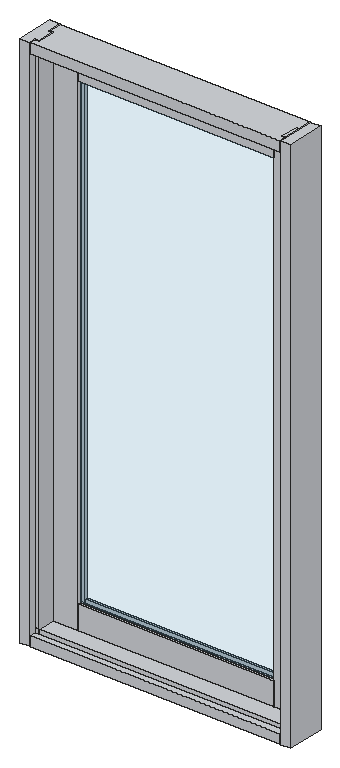
Revit family "Air-Flo® Plus 125mm Framing_SG&DG-Single Hinged Door", category Doors, host Wall, Revit 2021
Family settings
  Host = Wall
  OmniClass Number = 23.30.20.00
  OmniClass Title = Windows
  Always vertical = Yes
  Cut with Voids When Loaded = No
  Shared = No
  Room Calculation Point = No
Parameters (values of type "7L/7R")
  YEAR = "2022"  # constant formula
  Width = 0.0000 mm  # constant formula
  URL = "https://www.alspec.com.au/air-flo-plus-125mm-framing"
  Thickness = 0.0000 mm  # constant formula
  Single Glazed Thickness (6-13.5mm) [instance] = 5.0000 mm
  Single Glazed [instance] = not(Double Glazed)  # no
  Sill Offset 2 [instance] = 15.9930 mm  # constant formula
  Sill Offset [instance] = 6.0000 mm  # constant formula
  Sash Material [instance] = none
  Rough Width = 0.0000 mm  # constant formula
  Rough Height = 0.0000 mm  # constant formula
  Overall Width [instance] = 900.0000 mm
  Offset [instance] = 0.0000 mm
  Midrail height [instance] = 810.0000 mm
  Midrail [instance] = no
  Meeting 1 = 45.0000 mm  # constant formula
  Overall Height [instance] = 1800.0000 mm
  Model = "Air-Flo® Plus 125mm Framing_SG&DG-Single Hinged Door"  # constant formula
  Manufacturer = "ALSPEC"
  Height = 0.0000 mm  # constant formula
  Head Offset 2 [instance] = 84.8025 mm  # constant formula
  Head Offset [instance] = 75.0000 mm  # constant formula
  Glazed Material [instance] = Glass
  Frame Material [instance] = none
  External Frame Thk = 35.0000 mm  # constant formula
  Double Glazed Thickness [instance] = 18.0000 mm
  Double Glazed [instance] = yes
  Define Thermal Properties by = Schematic Type
  Default Sill Height = 0.0000 mm  # constant formula
  Wall Closure = By host
  CREATOR = "Viraj Mhatre"  # constant formula
  COMPANY = "ALSPEC"  # constant formula
  Analytic Construction = "<None>"
  Air Pocket (Double Glazing Only) [instance] = 8.0000 mm  # constant formula
Reference planes
  plane 1 "Center (Front/Back)": y = 0
  plane 2 "Center (Left/Right)": x = 0
  plane 3 "Left": x = -415
  plane 4 "Right": x = 415
  plane 5 "Sill": z = 0
  plane 6 "Head": z = 1800
  plane 7 "Exterior": y = 102.6
  plane 8 "Interior": y = -97.4
  plane 9: z = 35.999
  plane 10: y = 14
  plane 11 "FRAME CENTRE": y = 42
  plane 12: y = 82.6
  plane 13: x = -415
  plane 14: x = 415
  plane 15: x = 415
  plane 16: x = 20.5
  plane 17: x = -450
  plane 18: x = 450
  plane 19: z = 1764.001
  plane 20: z = 1755.034
  plane 21: z = 44.966
  plane 22: z = 516.113
  plane 23: x = -2
  plane 24: x = 43
  plane 25: z = 810
  plane 26: x = -208.5
  plane 27: x = 229
  plane 28: y = 147.6
  plane 29: z = 1210
  plane 30: y = -1037.4
  plane 31: x = -425
  plane 32: x = 425
  plane 33: y = 102.6
  plane 34: z = 904.483
Forms (mm)
  Extrusion 1, solid, material <- "Frame Material"
    sketch origin (0, 0, 0) x (1, 0, 0) y (0, 1, 0)
      loop
        line (-450, -22.4) -> (-418, -22.4) -> (-418, -0.414) -> (-405.034, -0.414) -> (-405.034, 58.586) -> (-418, 58.586) -> (-418, 102.6) -> (-450, 102.6) -> (-450, -22.4)
      loop
        line (450, -22.4) -> (450, 102.6) -> (418, 102.6) -> (418, 58.586) -> (405.034, 58.586) -> (405.034, -0.414) -> (418, -0.414) -> (418, -22.4) -> (450, -22.4)
    from 0 to 1800
  Extrusion 2, solid, material <- "Frame Material"
    sketch origin (-415, 0, 0) x (0, -1, 0) y (0, 0, 1)
      loop
        line (-102.6, 0) -> (22.4, 0) -> (22.4, 32) -> (0.414, 32) -> (0.414, 44.966) -> (-58.586, 44.966) -> (-58.586, 32) -> (-102.6, 32) -> (-102.6, 0)
      loop
        line (-102.6, 1800) -> (-102.6, 1768) -> (-58.586, 1768) -> (-58.586, 1755.034) -> (0.414, 1755.034) -> (0.414, 1768) -> (22.4, 1768) -> (22.4, 1800) -> (-102.6, 1800)
    from -830.001 to 0
Lines and regions (mm)
  Opening 1
    outline origin (3600, -97.4, 75) x (1, 0, 0) y (0, 0, 1)
      loop
        line (-3150, -75) -> (-3150, 1725) -> (-4050, 1725) -> (-4050, -75) -> (-3150, -75)
  Masking region 1
    outline origin (0, 0, 0) x (1, 0, 0) y (0, 1, 0)
      loop
        line (-450, -22.4) -> (-418, -22.4) -> (-418, -0.414) -> (-405.034, -0.414) -> (-405.034, 58.586) -> (-418, 58.586) -> (-418, 102.6) -> (-450, 102.6) -> (-450, -22.4)
      loop
        line (450, -22.4) -> (450, 102.6) -> (418, 102.6) -> (418, 58.586) -> (405.034, 58.586) -> (405.034, -0.414) -> (418, -0.414) -> (418, -22.4) -> (450, -22.4)
  Masking region 2
    outline origin (-415, 0, 0) x (0, -1, 0) y (0, 0, 1)
      loop
        line (22.4, 0) -> (22.4, 32) -> (0.414, 32) -> (0.414, 44.966) -> (-58.586, 44.966) -> (-58.586, 32) -> (-102.6, 32) -> (-102.6, 0) -> (22.4, 0)
      loop
        line (-102.6, 1800) -> (-102.6, 1768) -> (-58.586, 1768) -> (-58.586, 1755.034) -> (0.414, 1755.034) -> (0.414, 1768) -> (22.4, 1768) -> (22.4, 1800) -> (-102.6, 1800)
  symbolic lines, style "DoorsHiddenLines"
    curve 1: line (-415, 102.6, 0) -> (20.5, 102.6, 0)
    curve 2: line (-415, 932.602, 0) -> (-415, 102.6, 0)
    curve 3: line (415.001, 102.6, 0) -> (20.5, 102.6, 0)
    curve 4: line (-415, -97.4, 1764.001) -> (415, -97.4, 904.483)
    curve 5: line (-415, -97.4, 44.966) -> (415, -97.4, 904.483)
    curve 6: arc (415.001, 102.6, 0) -> (171.899, 689.5, 0) -> (-415, 932.602, 0) r 830.002
Text (mm)
  text "EXTERIOR" at (-1886.484, -724.686, 0), in view "Ref. Level"
  text "INTERIOR" at (-1963.203, 1176.318, 0), in view "Ref. Level"
  text "Exterior" at (0, 923.751, 2943.296), in view "Right"
  text "Exterior" at (0, 1040.484, 2685.409), in view "Left"
Dimensions and locks
  "Overall Height": plane 5 "Sill" to plane 6 "Head"
  "Default Sill Height": plane 5 "Sill" to level
  locked: plane 7 "Exterior" to host wall
  locked: plane 8 "Interior" to host wall
  "Offset": plane 33 to plane 7 "Exterior"
  "External Frame Thk": plane 4 "Right" to plane 18
  "Overall Width": plane 17 to plane 18
  equal spacing: plane 23, plane 16, plane 24
  "Meeting 1": plane 23 to plane 24
  "Midrail height": plane 25 to level
  locked: plane 29 to plane 25 at 400
  equal spacing: plane 23, plane 26, plane 13
  equal spacing: plane 15, plane 27, plane 24
  plane 17 to plane 16 to plane 18 = 470.4996 mm, 429.5004 mm
  equal spacing: plane 13, plane 2 "Center (Left/Right)", plane 15
  locked: plane 31 to plane 13 at 10
  locked: plane 15 to plane 32 at 10
  locked: plane 19 to plane 6 "Head" at 35.999
  locked: plane 19 to plane 20 at 8.967
  locked: plane 9 to level at 35.999
  locked: plane 21 to plane 9 at 8.967
  locked: plane 12 to plane 33 at 20
  locked: plane 17 to plane 31 at 24.999
  locked: plane 33 to plane 28 at 45
  equal spacing: plane 19, plane 34, plane 21
  aligned and locked: Opening 1 sketch curve to plane 6 "Head"
  aligned and locked: plane 13 to plane 3 "Left"
  aligned and locked: plane 14 to plane 4 "Right"
  aligned and locked: plane 17 to Opening 1 sketch curve
  aligned and locked: plane 18 to Opening 1 sketch curve
  aligned and locked: Opening 1 sketch curve to plane 5 "Sill"
  aligned and locked: host wall to level
  aligned and locked: plane 15 to plane 4 "Right"
  aligned and locked: Extrusion 1 to plane 6 "Head"
  aligned and locked: Extrusion 1 to level
  aligned and locked: plane 3 "Left" to Extrusion 2
  aligned and locked: Extrusion 2 to plane 4 "Right"
  aligned and locked: nested 1 to plane 12
  aligned and locked: plane 17 to nested 1
  aligned and locked: plane 18 to nested 2
  aligned and locked: plane 12 to nested 2
  aligned and locked: Extrusion 1 sketch curve to nested 1  (x8)
  aligned and locked: Extrusion 1 sketch curve to nested 2  (x8)
  aligned and locked: Masking region 1 sketch curve to nested 1  (x8)
  aligned and locked: Masking region 1 sketch curve to nested 2  (x8)
  aligned and locked: level to nested 3
  aligned and locked: plane 12 to nested 3
  aligned and locked: Masking region 2 sketch curve to nested 3  (x8)
  aligned and locked: Extrusion 2 sketch curve to nested 3  (x8)
  aligned and locked: nested 4 to plane 6 "Head"
  aligned and locked: nested 4 to plane 12
  aligned and locked: Masking region 2 sketch curve to nested 4  (x8)
  aligned and locked: Extrusion 2 sketch curve to nested 4  (x8)
  aligned and locked: plane 13 to curve 1
  aligned and locked: plane 33 to curve 1
  aligned and locked: curve 2 to plane 13
  aligned and locked: nested 2 to curve 3
  aligned and locked: curve 3 to Extrusion 2
  aligned and locked: plane 21 to curve 5
  aligned and locked: plane 19 to curve 4
  aligned and locked: plane 13 to nested 5
  aligned and locked: plane 15 to nested 5
  aligned and locked: plane 13 to nested 6
  aligned and locked: plane 15 to nested 6
  aligned and locked: plane 9 to nested 6
  aligned and locked: plane 9 to nested 5
  aligned and locked: plane 19 to nested 6
  aligned and locked: plane 19 to nested 5
  aligned and locked: nested 6 to plane 12
  aligned and locked: nested 5 to plane 12
  aligned and locked: plane 34 to curve 5
  aligned and locked: plane 15 to curve 4
Automatic sketch dimensions
  curve 1 to plane 16 = 0.0000 mm
  plane 3 "Left" to curve 5 = 0.0000 mm
  plane 3 "Left" to curve 4 = 0.0000 mm
Nested families
  nested 1: "Ext FrameAF16 AF212" at (-418, 82.6, 0), type "Ext FrameAF16 AF212", detail levels fine
  nested 2: "Ext FrameAF16 AF212" at (418, 82.6, 0) x (-1, 0, 0) z (0, 0, 1), type "Ext FrameAF16 AF212", detail levels fine
  nested 3: "Ext Head AF16 AF212" at (-415, 82.6, 0) x (0, 1, 0) z (-1, 0, 0), type "Ext Head AF16 AF212", detail levels fine
  nested 4: "Ext Head AF16 AF212" at (-415, 82.6, 1800) x (0, 1, 0) z (-1, 0, 0), type "Ext Head AF16 AF212", detail levels fine
  nested 5: "DH_ DG_AFD14 AFD12" at (0, 82.6, 35.999), visible <- "Double Glazed", Midrail Height <- "Midrail height", Double Glazing Thickness <- "Double Glazed Thickness", Double Glazed <- "Double Glazed", Glazing Material <- "Glazed Material", Midrail <- "Midrail", Sash Material <- "Sash Material", type "DH_ DG_AFD14 AFD12"
    with Thickness Control 18.0000 mm, Sill Off 108.0000 mm, Sill 120.0000 mm, Sash Width 830.0008 mm, Sash Material none, Midrail Height 810.0000 mm, Midrail no, Height 1728.0018 mm, Head Off 68.0000 mm, Head 80.0000 mm, Glazing Material Glass, Double Glazing Thickness 18.0000 mm, Double Glazed yes, Air Pocket 8.0000 mm
  nested 6: "DH_ SG_AFD24 AFD22" at (0, 82.6, 35.999), Single Glazed <- "Single Glazed", Glazing Material <- "Glazed Material", Midrail <- "Midrail", Sash Material <- "Sash Material", Midrail Height <- "Midrail height", Single Glazing Thickness <- "Single Glazed Thickness (6-13.5mm)", visible <- "Single Glazed", type "DH_ SG_AFD24 AFD22"
    with Thickness Control 6.0000 mm, Single Glazing Thickness 5.0000 mm, Single Glazed no, Sill Off 108.0000 mm, Sill 120.0000 mm, Sash Width 830.0008 mm, Sash Material none, Midrail Height 810.0000 mm, Midrail no, Height 1728.0018 mm, Head Off 68.0000 mm, Head 80.0000 mm, Glazing Material Glass
Definition of nested family "DH_ DG_AFD14 AFD12"
  Parameters (values of type "DH_ DG_AFD14 AFD12")
    YEAR = "2022"  # constant formula
    Width = 0.0000 mm  # constant formula
    Thickness Control [instance] = if(Double Glazing Thickness > 28.0000 mm, 28.0000 mm, if(Double Glazing Thickness < 18.0000 mm, 18.0000 mm, Double Glazing Thickness))  # 18.0000 mm
    Thickness = 0.0000 mm  # constant formula
    TODAYS DATE = "12/05/2022"  # constant formula
    Sill Off [instance] = 108.0000 mm  # constant formula
    Sill [instance] = 120.0000 mm  # constant formula
    Sash Width [instance] = 897.9983 mm
    Sash Material [instance] = none
    Rough Width = 0.0000 mm  # constant formula
    Rough Height = 0.0000 mm  # constant formula
    Off DG Head and Sill = 12.0000 mm  # constant formula
    Midrail Height [instance] = 612.8190 mm
    Midrail [instance] = yes
    Height [instance] = 1800.0000 mm
    Head Off [instance] = 68.0000 mm  # constant formula
    Head & Sill DG Depth = 93.0000 mm  # constant formula
    Head [instance] = 80.0000 mm  # constant formula
    Glazing Material [instance] = none
    Double Glazing Thickness [instance] = 18.0000 mm
    Double Glazed [instance] = no
    Define Thermal Properties by = 1
    Default Elevation = 1219.2000 mm
    DG Off = 11.0000 mm  # constant formula
    DG Jamb Width = 75.0000 mm  # constant formula
    CREATOR = "Viraj Mhatre"  # constant formula
    COMPANY = "ALSPEC"  # constant formula
    Analytic Construction = "<None>"
    Air Pocket [instance] = 8.0000 mm  # constant formula
  Reference planes
    plane 1 "Center (Front/Back)": y = 0
    plane 2: z = 0
    plane 3 "Center (Left/Right)": x = 0
    plane 4: x = -448.999
    plane 5: x = 361
    plane 6: x = -373
    plane 7: x = 373
    plane 8: z = 1800
    plane 9: z = 1715
    plane 10: z = 85
    plane 11: z = 900
    plane 12: x = -361
    plane 13: x = 448.999
    plane 14: z = 73
    plane 15: z = 1727
    plane 16: y = 9
    plane 17: y = 4
    plane 18: y = -4
    plane 19: y = -9
    plane 20: z = 612.819
  Forms (mm)
    Extrusion 1, solid, material <- "Glazing Material"
      sketch origin (0, 0, 0) x (1, 0, 0) y (0, 1, 0)
        loop
          line (-373, 9) -> (-373, 4) -> (373, 4) -> (373, 9) -> (-373, 9)
        loop
          line (-373, -4) -> (-373, -9) -> (373, -9) -> (373, -4) -> (-373, -4)
      from 73 to 1727
    Extrusion 2, solid, material <- "Sash Material", visible <- "Midrail"
      sketch origin (0, 0, 0) x (0, 1, 0) y (0, 0, 1)
        loop
          line (9.5, 638.752) -> (9.5, 631.751) -> (-9.182, 631.751) -> (-9.182, 638.752) -> (-22.4, 638.752) -> (-22.4, 586.751) -> (-9.5, 586.751) -> (-9.5, 593.751) -> (9.694, 593.751) -> (9.694, 586.886) -> (22.4, 586.886) -> (22.4, 638.752) -> (9.5, 638.752)
      from -361 to 361
    Extrusion 3, solid, material <- "Sash Material"
      sketch origin (0, 0, 0) x (1, 0, 0) y (0, 1, 0)
        loop
          line (-446, -20) -> (-361, -20) -> (-361, -9.616) -> (-373, -9.616) -> (-373, 9.616) -> (-361, 9.616) -> (-361, 20) -> (-446, 20) -> (-446, -20)
        loop
          line (446, -20) -> (446, 20) -> (361, 20) -> (361, 9.616) -> (373, 9.616) -> (373, -9.616) -> (361, -9.616) -> (361, -20) -> (446, -20)
      from 0 to 1800
    Extrusion 4, solid, material <- "Sash Material"
      sketch origin (0, 0, 0) x (0, 1, 0) y (0, 0, 1)
        loop
          line (-10.702, 1727) -> (10.702, 1727) -> (10.702, 1715) -> (20, 1715) -> (20, 1800) -> (-20, 1800) -> (-20, 1714.978) -> (-10.702, 1714.978) -> (-10.702, 1727)
        loop
          line (-20, 0) -> (20, 0) -> (20, 85) -> (10.702, 85) -> (10.702, 73) -> (-10.702, 73) -> (-10.702, 85.022) -> (-20, 85.022) -> (-20, 0)
      from -361 to 361
  Lines and regions (mm)
    Masking region 1
      outline origin (0, 0, 0) x (0, 1, 0) y (0, 0, 1)
        loop
          line (-22.4, 638.752) -> (-22.4, 586.751) -> (-9.5, 586.751) -> (-9.5, 593.751) -> (9.5, 593.751) -> (9.5, 586.751) -> (22.4, 586.751) -> (22.4, 638.752) -> (9.5, 638.752) -> (9.5, 631.751) -> (-9.5, 631.751) -> (-9.5, 638.752) -> (-22.4, 638.752)
    Masking region 2
      outline origin (0, 0, 0) x (1, 0, 0) y (0, 1, 0)
        loop
          line (-446, -20) -> (-361, -20) -> (-361, -9.616) -> (-373, -9.616) -> (-373, 9.616) -> (-361, 9.616) -> (-361, 20) -> (-446, 20) -> (-446, -20)
        loop
          line (446, -20) -> (446, 20) -> (361, 20) -> (361, 9.616) -> (373, 9.616) -> (373, -9.616) -> (361, -9.616) -> (361, -20) -> (446, -20)
    Masking region 3
      outline origin (0, 0, 0) x (0, 1, 0) y (0, 0, 1)
        loop
          line (20, 1715) -> (20, 1800) -> (-20, 1800) -> (-20, 1714.978) -> (-10.702, 1714.978) -> (-10.702, 1727) -> (10.702, 1727) -> (10.702, 1715) -> (20, 1715)
        loop
          line (20, 0) -> (20, 85) -> (10.702, 85) -> (10.702, 73) -> (-10.702, 73) -> (-10.702, 85.022) -> (-20, 85.022) -> (-20, 0) -> (20, 0)
  Dimensions and locks
    equal spacing: plane 16, plane 1 "Center (Front/Back)", plane 19
    "Thickness Control": plane 16 to plane 19
    equal spacing: plane 17, plane 1 "Center (Front/Back)", plane 18
    "Air Pocket": plane 17 to plane 18
    "Midrail Height": plane 20 to level
    locked: plane 6 to plane 12 at 12
    locked: plane 5 to plane 7 at 12
    equal spacing: plane 4, plane 3 "Center (Left/Right)", plane 13
    "Sash Width": plane 4 to plane 13
    "Height": plane 8 to plane 2
    locked: plane 4 to plane 6 at 75.999
    locked: plane 7 to plane 13 at 75.999
    locked: plane 14 to level at 73
    locked: plane 10 to plane 14 at 12
    plane 8 to plane 15 to plane 9 = 73.0000 mm locked, 12.0000 mm locked
    aligned and locked: level to plane 2
    aligned and locked: Extrusion 1 sketch curve to plane 16
    aligned and locked: Extrusion 1 sketch curve to plane 17
    aligned and locked: Extrusion 1 sketch curve to plane 18
    aligned and locked: Extrusion 1 sketch curve to plane 19
    aligned and locked: Extrusion 1 sketch curve to Extrusion 1 sketch curve  (x2)
    aligned and locked: Extrusion 1 to plane 6
    aligned and locked: plane 7 to Extrusion 1
    aligned and locked: Extrusion 1 to plane 14
    aligned and locked: plane 15 to Extrusion 1
    aligned and locked: plane 20 to nested 1
    aligned and locked: plane 1 "Center (Front/Back)" to nested 1
    aligned and locked: Masking region 1 sketch curve to nested 1  (x6)
    aligned and locked: nested 1 to Masking region 1 sketch curve  (x2)
    aligned and locked: Extrusion 2 sketch curve to nested 1  (x12)
    aligned and locked: Extrusion 2 to plane 12
    aligned and locked: plane 5 to Extrusion 2
    aligned and locked: Extrusion 3 to level
    aligned and locked: plane 8 to Extrusion 3
    aligned and locked: Extrusion 4 to plane 12
    aligned and locked: plane 5 to Extrusion 4
    aligned and locked: plane 1 "Center (Front/Back)" to nested 2
    aligned and locked: plane 12 to nested 2
    aligned and locked: Masking region 2 sketch curve to nested 2  (x8)
    aligned and locked: Extrusion 3 sketch curve to nested 2  (x8)
    aligned and locked: plane 8 to nested 3
    aligned and locked: nested 3 to plane 1 "Center (Front/Back)"
    aligned and locked: Masking region 3 sketch curve to nested 3  (x8)
    aligned and locked: Extrusion 4 sketch curve to Masking region 3  (x8)
    aligned and locked: level to nested 4
    aligned and locked: plane 1 "Center (Front/Back)" to nested 4
    aligned and locked: Masking region 3 sketch curve to nested 4  (x8)
    aligned and locked: Extrusion 4 sketch curve to nested 4  (x8)
    aligned and locked: plane 5 to nested 5
    aligned and locked: nested 5 to plane 1 "Center (Front/Back)"
    aligned and locked: Masking region 2 sketch curve to nested 5  (x8)
    aligned and locked: Extrusion 3 sketch curve to nested 5  (x8)
  Automatic sketch dimensions
    Extrusion 1 sketch curve to plane 12 = 12.0000 mm
    Extrusion 1 sketch curve to Extrusion 1 sketch curve = 746.0000 mm
    Masking region 1 sketch curve to plane 19 = 0.5000 mm  (x2)
    plane 17 to Masking region 1 sketch curve = 5.5000 mm
    plane 16 to Masking region 1 sketch curve = 0.5000 mm
    Masking region 2 sketch curve to plane 12 = 0.0000 mm  (x2)
    Masking region 2 sketch curve to plane 6 = 0.0001 mm
    plane 4 to Masking region 2 sketch curve = 2.9992 mm
    Masking region 2 sketch curve to plane 19 = 11.0000 mm  (x2)
    Masking region 2 sketch curve to plane 19 = 0.6160 mm  (x2)
    plane 16 to Masking region 2 sketch curve = 0.6160 mm  (x2)
    plane 16 to Masking region 2 sketch curve = 11.0000 mm
    Extrusion 3 sketch curve to plane 12 = 0.0000 mm  (x2)
    Extrusion 3 sketch curve to plane 6 = 0.0001 mm
    plane 4 to Extrusion 3 sketch curve = 2.9992 mm
    Extrusion 3 sketch curve to plane 19 = 11.0000 mm  (x2)
    Extrusion 3 sketch curve to plane 19 = 0.6160 mm  (x2)
    plane 16 to Extrusion 3 sketch curve = 0.6160 mm  (x2)
    plane 16 to Extrusion 3 sketch curve = 11.0000 mm
    Masking region 3 sketch curve to plane 8 = 0.0000 mm
    Masking region 3 sketch curve to plane 15 = 0.0000 mm
    Masking region 3 sketch curve to plane 9 = 0.0000 mm
    Masking region 3 sketch curve to plane 9 = 0.0218 mm
    Masking region 3 sketch curve to plane 19 = 11.0000 mm  (x2)
    Masking region 3 sketch curve to plane 19 = 1.7016 mm  (x2)
    plane 16 to Masking region 3 sketch curve = 1.7016 mm  (x2)
    Masking region 3 sketch curve to Masking region 3 sketch curve = 9.2984 mm  (x2)
    Masking region 3 sketch curve to level = 0.0000 mm
    Masking region 3 sketch curve to plane 10 = 0.0000 mm
    Masking region 3 sketch curve to plane 14 = 0.0000 mm
    plane 10 to Masking region 3 sketch curve = 0.0218 mm
    Extrusion 4 sketch curve to level = 0.0000 mm
    Extrusion 4 sketch curve to plane 14 = 0.0000 mm
    Extrusion 4 sketch curve to plane 10 = 0.0000 mm
    Extrusion 4 sketch curve to plane 19 = 11.0000 mm
    Extrusion 4 sketch curve to plane 19 = 1.7016 mm
    plane 16 to Extrusion 4 sketch curve = 1.7016 mm
    plane 16 to Extrusion 4 sketch curve = 11.0000 mm
    plane 10 to Extrusion 4 sketch curve = 0.0218 mm
    Masking region 2 sketch curve to plane 5 = 0.0000 mm  (x2)
    plane 7 to Masking region 2 sketch curve = 0.0001 mm
    Masking region 2 sketch curve to plane 13 = 2.9992 mm
    Masking region 2 sketch curve to Masking region 2 sketch curve = 10.3840 mm
    Extrusion 3 sketch curve to plane 5 = 0.0000 mm  (x2)
    plane 7 to Extrusion 3 sketch curve = 0.0001 mm
    Extrusion 3 sketch curve to plane 13 = 2.9992 mm
    Extrusion 3 sketch curve to Extrusion 3 sketch curve = 10.3840 mm
  Nested families
    nested 1: "DG Midrail_SE12 SE16" at (0, 0, 612.819) x (0, -1, 0) z (1, 0, 0), type "DG Midrail_SE12 SE16", detail levels fine
    nested 2: "Jamb AFD14" at (-361, 0, 0), type "Jamb AFD14", detail levels fine
    nested 3: "Head Sill AFD19 AFD20" at (0, 0, 1800) x (0, -1, 0) z (1, 0, 0), type "Head Sill AFD19 AFD20", detail levels fine
    nested 4: "Head Sill AFD19 AFD20" at (0, 0, 0) x (0, -1, 0) z (1, 0, 0), type "Head Sill AFD19 AFD20", detail levels fine
    nested 5: "Jamb AFD12" at (448.999, 0, 0) x (-1, 0, 0) z (0, 0, 1), type "Jamb AFD12", detail levels fine
  Definition of nested family "DG Midrail_SE12 SE16"
    Reference planes
      plane 1 "Center (Front/Back)": y = 0
      plane 2: z = 0
      plane 3 "Center (Left/Right)": x = 0
      plane 4: y = 26.068
      plane 5: y = -25.933
      plane 6: x = 22.4
      plane 7: x = -22.4
    Dimensions and locks
      aligned and locked: plane 3 "Center (Left/Right)" to import instance
      aligned and locked: plane 1 "Center (Front/Back)" to import instance
      aligned and locked: plane 7 to import instance
      aligned and locked: plane 6 to import instance
      aligned and locked: plane 5 to import instance
      aligned and locked: plane 4 to import instance
  Definition of nested family "Jamb AFD14"
    Reference planes
      plane 1 "Center (Front/Back)": y = 0
      plane 2: z = 0
      plane 3 "Center (Left/Right)": x = 0
      plane 4: x = -12
      plane 5: x = -87.999
      plane 6: x = -85
    Dimensions and locks
      aligned and locked: import instance to plane 3 "Center (Left/Right)"
      aligned and locked: import instance to plane 1 "Center (Front/Back)"
      aligned and locked: plane 4 to import instance
      aligned and locked: plane 6 to import instance
      aligned and locked: plane 5 to import instance
  Definition of nested family "Head Sill AFD19 AFD20"
    Reference planes
      plane 1 "Center (Front/Back)": y = 0
      plane 2: z = 0
      plane 3 "Center (Left/Right)": x = 0
      plane 4: y = -73
      plane 5: y = -85
    Dimensions and locks
      aligned and locked: import instance to plane 1 "Center (Front/Back)"
      aligned and locked: import instance to plane 3 "Center (Left/Right)"
      aligned and locked: plane 5 to import instance
      aligned and locked: plane 4 to import instance
  Definition of nested family "Jamb AFD12"
    Reference planes
      plane 1 "Center (Front/Back)": y = 0
      plane 2: z = 0
      plane 3 "Center (Left/Right)": x = 0
      plane 4: x = 75.999
      plane 5: x = 87.999
      plane 6: x = 2.999
    Dimensions and locks
      aligned and locked: plane 3 "Center (Left/Right)" to import instance
      aligned and locked: import instance to plane 1 "Center (Front/Back)"
      aligned and locked: plane 6 to import instance
      aligned and locked: plane 4 to import instance
      aligned and locked: plane 5 to import instance
Definition of nested family "DH_ SG_AFD24 AFD22"
  Parameters (values of type "DH_ SG_AFD24 AFD22")
    YEAR = "2022"  # constant formula
    Width = 0.0000 mm  # constant formula
    Thickness Control [instance] = if(Single Glazing Thickness > 13.5000 mm, 13.5000 mm, if(Single Glazing Thickness < 6.0000 mm, 6.0000 mm, Single Glazing Thickness))  # 13.5000 mm
    Thickness = 0.0000 mm  # constant formula
    TODAYS DATE = "12/05/2022"  # constant formula
    Sill Off [instance] = 108.0000 mm  # constant formula
    Sill [instance] = 120.0000 mm  # constant formula
    Sash Width [instance] = 897.9983 mm
    Sash Material [instance] = none
    Rough Width = 0.0000 mm  # constant formula
    Rough Height = 0.0000 mm  # constant formula
    Off DG Head and Sill = 12.0000 mm  # constant formula
    Midrail Height [instance] = 612.8190 mm
    Midrail [instance] = yes
    Height [instance] = 1800.0000 mm
    Head Off [instance] = 68.0000 mm  # constant formula
    Head & Sill DG Depth = 93.0000 mm  # constant formula
    Head [instance] = 80.0000 mm  # constant formula
    Glazing Material [instance] = none
    Single Glazing Thickness [instance] = 18.0000 mm
    Single Glazed [instance] = no
    Define Thermal Properties by = 1
    Default Elevation = 1219.2000 mm
    DG Off = 11.0000 mm  # constant formula
    DG Jamb Width = 75.0000 mm  # constant formula
    CREATOR = "Viraj Mhatre"  # constant formula
    COMPANY = "ALSPEC"  # constant formula
    Analytic Construction = "<None>"
  Reference planes
    plane 1 "Center (Front/Back)": y = 0
    plane 2: z = 0
    plane 3 "Center (Left/Right)": x = 0
    plane 4: x = -448.999
    plane 5: x = 361
    plane 6: x = -373
    plane 7: x = 373
    plane 8: z = 1800
    plane 9: z = 1715
    plane 10: z = 85
    plane 11: z = 900
    plane 12: x = -361
    plane 13: x = 448.999
    plane 14: z = 73
    plane 15: z = 1727
    plane 16: z = 612.819
    plane 17: y = 6.75
    plane 18: y = -6.75
  Forms (mm)
    Extrusion 1, solid, material <- "Sash Material", visible <- "Midrail"
      sketch origin (0, 0, 0) x (0, 1, 0) y (0, 0, 1)
        loop
          line (9.5, 638.752) -> (9.5, 631.751) -> (-9.182, 631.751) -> (-9.182, 638.752) -> (-22.4, 638.752) -> (-22.4, 586.751) -> (-9.5, 586.751) -> (-9.5, 593.751) -> (9.694, 593.751) -> (9.694, 586.886) -> (22.4, 586.886) -> (22.4, 638.752) -> (9.5, 638.752)
      from -361 to 361
    Extrusion 2, solid, material <- "Sash Material"
      sketch origin (0, 0, 0) x (1, 0, 0) y (0, 1, 0)
        loop
          line (-446, -20) -> (-361, -20) -> (-361, -5.711) -> (-373, -5.711) -> (-373, 5.711) -> (-361, 5.711) -> (-361, 20) -> (-446, 20) -> (-446, -20)
        loop
          line (446, -20) -> (446, 20) -> (361, 20) -> (361, 5.711) -> (373, 5.711) -> (373, -5.711) -> (361, -5.711) -> (361, -20) -> (446, -20)
      from 0 to 1800
    Extrusion 3, solid, material <- "Sash Material"
      sketch origin (0, 0, 0) x (0, 1, 0) y (0, 0, 1)
        loop
          line (-5.62, 1727) -> (5.62, 1727) -> (5.62, 1715) -> (20, 1715) -> (20, 1800) -> (-20, 1800) -> (-20, 1714.978) -> (-5.62, 1714.978) -> (-5.62, 1727)
        loop
          line (-20, 0) -> (20, 0) -> (20, 85) -> (5.62, 85) -> (5.62, 73) -> (-5.62, 73) -> (-5.62, 85.022) -> (-20, 85.022) -> (-20, 0)
      from -361 to 361
    Extrusion 4, solid, material <- "Glazing Material"
      sketch origin (0, 0, 0) x (1, 0, 0) y (0, 1, 0)
        loop
          line (-373, 6.75) -> (-373, -6.75) -> (373, -6.75) -> (373, 6.75) -> (-373, 6.75)
      from 73 to 1727
  Lines and regions (mm)
    Masking region 1
      outline origin (0, 0, 0) x (0, 1, 0) y (0, 0, 1)
        loop
          line (-22.4, 638.752) -> (-22.4, 586.751) -> (-9.5, 586.751) -> (-9.5, 593.751) -> (9.5, 593.751) -> (9.5, 586.751) -> (22.4, 586.751) -> (22.4, 638.752) -> (9.5, 638.752) -> (9.5, 631.751) -> (-9.5, 631.751) -> (-9.5, 638.752) -> (-22.4, 638.752)
    Masking region 2
      outline origin (0, 0, 0) x (1, 0, 0) y (0, 1, 0)
        loop
          line (-446, -20) -> (-361, -20) -> (-361, -5.711) -> (-373, -5.711) -> (-373, 5.711) -> (-361, 5.711) -> (-361, 20) -> (-446, 20) -> (-446, -20)
        loop
          line (446, -20) -> (446, 20) -> (361, 20) -> (361, 5.711) -> (373, 5.711) -> (373, -5.711) -> (361, -5.711) -> (361, -20) -> (446, -20)
    Masking region 3
      outline origin (0, 0, 0) x (0, 1, 0) y (0, 0, 1)
        loop
          line (20, 1715) -> (20, 1800) -> (-20, 1800) -> (-20, 1714.978) -> (-5.62, 1714.978) -> (-5.62, 1727) -> (5.62, 1727) -> (5.62, 1715) -> (20, 1715)
        loop
          line (20, 0) -> (20, 85) -> (5.62, 85) -> (5.62, 73) -> (-5.62, 73) -> (-5.62, 85.022) -> (-20, 85.022) -> (-20, 0) -> (20, 0)
  Dimensions and locks
    "Midrail Height": plane 16 to level
    locked: plane 6 to plane 12 at 12
    locked: plane 5 to plane 7 at 12
    equal spacing: plane 4, plane 3 "Center (Left/Right)", plane 13
    "Sash Width": plane 4 to plane 13
    "Height": plane 8 to plane 2
    locked: plane 4 to plane 6 at 75.999
    locked: plane 7 to plane 13 at 75.999
    locked: plane 14 to level at 73
    locked: plane 10 to plane 14 at 12
    plane 8 to plane 15 to plane 9 = 73.0000 mm locked, 12.0000 mm locked
    equal spacing: plane 17, plane 1 "Center (Front/Back)", plane 18
    "Thickness Control": plane 17 to plane 18
    aligned and locked: level to plane 2
    aligned and locked: plane 16 to nested 1
    aligned and locked: plane 1 "Center (Front/Back)" to nested 1
    aligned and locked: Masking region 1 sketch curve to nested 1  (x6)
    aligned and locked: nested 1 to Masking region 1 sketch curve  (x2)
    aligned and locked: Extrusion 1 sketch curve to nested 1  (x12)
    aligned and locked: Extrusion 1 to plane 12
    aligned and locked: plane 5 to Extrusion 1
    aligned and locked: Extrusion 2 to level
    aligned and locked: plane 8 to Extrusion 2
    aligned and locked: Extrusion 3 to plane 12
    aligned and locked: plane 5 to Extrusion 3
    aligned and locked: Extrusion 3 sketch curve to Masking region 3  (x8)
    aligned and locked: plane 12 to nested 2
    aligned and locked: plane 1 "Center (Front/Back)" to nested 2
    aligned and locked: Masking region 2 sketch curve to nested 2  (x8)
    aligned and locked: Extrusion 2 sketch curve to nested 2  (x8)
    aligned and locked: plane 8 to nested 3
    aligned and locked: nested 3 to plane 1 "Center (Front/Back)"
    aligned and locked: level to nested 4
    aligned and locked: plane 17 to Extrusion 4 sketch curve
    aligned and locked: Extrusion 4 sketch curve to plane 18
    aligned and locked: Extrusion 4 to plane 6
    aligned and locked: plane 7 to Extrusion 4
    aligned and locked: Extrusion 4 to plane 14
    aligned and locked: plane 15 to Extrusion 4
    aligned and locked: plane 5 to nested 5
    aligned and locked: plane 1 "Center (Front/Back)" to nested 5
    aligned and locked: Masking region 2 sketch curve to nested 5  (x8)
    aligned and locked: Extrusion 2 sketch curve to nested 5  (x8)
  Automatic sketch dimensions
    Masking region 3 sketch curve to plane 8 = 0.0000 mm
    Masking region 3 sketch curve to plane 15 = 0.0000 mm
    Masking region 3 sketch curve to plane 9 = 0.0000 mm
    Masking region 3 sketch curve to plane 9 = 0.0218 mm
    Masking region 3 sketch curve to Masking region 3 sketch curve = 14.3797 mm  (x3)
    Masking region 3 sketch curve to level = 0.0000 mm
    Masking region 3 sketch curve to plane 10 = 0.0000 mm
    Masking region 3 sketch curve to plane 14 = 0.0000 mm
    plane 10 to Masking region 3 sketch curve = 0.0218 mm
    Extrusion 3 sketch curve to level = 0.0000 mm
    Extrusion 3 sketch curve to plane 14 = 0.0000 mm
    Extrusion 3 sketch curve to plane 10 = 0.0000 mm
    plane 10 to Extrusion 3 sketch curve = 0.0218 mm
    Masking region 2 sketch curve to plane 12 = 0.0000 mm  (x2)
    Masking region 2 sketch curve to plane 6 = 0.0001 mm
    plane 4 to Masking region 2 sketch curve = 2.9992 mm
    Extrusion 2 sketch curve to plane 12 = 0.0000 mm  (x2)
    Extrusion 2 sketch curve to plane 6 = 0.0001 mm
    plane 4 to Extrusion 2 sketch curve = 2.9992 mm
    Masking region 1 sketch curve to plane 1 "Center (Front/Back)" = 9.5000 mm  (x2)
    Masking region 2 sketch curve to plane 1 "Center (Front/Back)" = 5.7105 mm
    Masking region 2 sketch curve to plane 1 "Center (Front/Back)" = 20.0000 mm
    Extrusion 2 sketch curve to plane 1 "Center (Front/Back)" = 5.7105 mm
    Extrusion 2 sketch curve to plane 1 "Center (Front/Back)" = 20.0000 mm
    Masking region 3 sketch curve to plane 1 "Center (Front/Back)" = 5.6203 mm  (x2)
    Extrusion 3 sketch curve to plane 1 "Center (Front/Back)" = 5.6203 mm
    Extrusion 3 sketch curve to plane 1 "Center (Front/Back)" = 20.0000 mm
    plane 1 "Center (Front/Back)" to Masking region 1 sketch curve = 9.5000 mm  (x2)
    plane 1 "Center (Front/Back)" to Masking region 2 sketch curve = 5.7105 mm
    plane 1 "Center (Front/Back)" to Masking region 2 sketch curve = 20.0000 mm
    plane 1 "Center (Front/Back)" to Extrusion 2 sketch curve = 5.7105 mm
    plane 1 "Center (Front/Back)" to Extrusion 2 sketch curve = 20.0000 mm
    plane 1 "Center (Front/Back)" to Masking region 3 sketch curve = 5.6203 mm  (x2)
    plane 1 "Center (Front/Back)" to Masking region 3 sketch curve = 20.0000 mm
    plane 1 "Center (Front/Back)" to Extrusion 3 sketch curve = 20.0000 mm
    plane 1 "Center (Front/Back)" to Extrusion 3 sketch curve = 5.6203 mm
    plane 4 to Extrusion 4 sketch curve = 75.9992 mm
    Extrusion 4 sketch curve to Extrusion 4 sketch curve = 746.0000 mm
    Masking region 2 sketch curve to plane 5 = 0.0000 mm  (x2)
    plane 7 to Masking region 2 sketch curve = 0.0001 mm
    Masking region 2 sketch curve to plane 13 = 2.9992 mm
    Masking region 2 sketch curve to plane 18 = 13.2500 mm
    plane 18 to Masking region 2 sketch curve = 1.0395 mm
    Masking region 2 sketch curve to plane 17 = 1.0395 mm
    plane 17 to Masking region 2 sketch curve = 13.2500 mm
    Extrusion 2 sketch curve to plane 5 = 0.0000 mm  (x2)
    plane 7 to Extrusion 2 sketch curve = 0.0001 mm
    Extrusion 2 sketch curve to plane 13 = 2.9992 mm
    Extrusion 2 sketch curve to plane 18 = 13.2500 mm
    plane 18 to Extrusion 2 sketch curve = 1.0395 mm
    Extrusion 2 sketch curve to plane 17 = 1.0395 mm
    plane 17 to Extrusion 2 sketch curve = 13.2500 mm
  Nested families
    nested 1: "DG Midrail_SE12 SE16" at (0, 0, 612.819) x (0, -1, 0) z (1, 0, 0), type "DG Midrail_SE12 SE16", detail levels fine
    nested 2: "Jamb AFD24" at (-448.999, 0, 0), type "Jamb AFD24", detail levels fine
    nested 3: "Head Sill AFD25 AFD27" at (0, 0, 1800) x (0, -1, 0) z (1, 0, 0), type "Head Sill AFD25 AFD27", detail levels fine
    nested 4: "Head Sill AFD25 AFD27" at (0, 0, 0) x (0, -1, 0) z (1, 0, 0), type "Head Sill AFD25 AFD27"
    nested 5: "Jamb AFD22.bak" at (448.999, 0, 0), type "Jamb AFD22.bak", detail levels fine
  Definition of nested family "DG Midrail_SE12 SE16"
    Reference planes
      plane 1 "Center (Front/Back)": y = 0
      plane 2: z = 0
      plane 3 "Center (Left/Right)": x = 0
      plane 4: y = 26.068
      plane 5: y = -25.933
      plane 6: x = 22.4
      plane 7: x = -22.4
    Dimensions and locks
      aligned and locked: plane 3 "Center (Left/Right)" to import instance
      aligned and locked: plane 1 "Center (Front/Back)" to import instance
      aligned and locked: plane 7 to import instance
      aligned and locked: plane 6 to import instance
      aligned and locked: plane 5 to import instance
      aligned and locked: plane 4 to import instance
  Definition of nested family "Jamb AFD24"
    Reference planes
      plane 1 "Center (Front/Back)": y = 0
      plane 2: z = 0
      plane 3 "Center (Left/Right)": x = 0
      plane 4: x = 87.999
      plane 5: x = 75.999
      plane 6: x = 2.999
    Dimensions and locks
      aligned and locked: import instance to plane 1 "Center (Front/Back)"
      aligned and locked: plane 3 "Center (Left/Right)" to import instance
      aligned and locked: plane 6 to import instance
      aligned and locked: plane 5 to import instance
      aligned and locked: plane 4 to import instance
  Definition of nested family "Head Sill AFD25 AFD27"
    Reference planes
      plane 1 "Center (Front/Back)": y = 0
      plane 2: z = 0
      plane 3 "Center (Left/Right)": x = 0
      plane 4: y = -73
      plane 5: y = -85.023
    Dimensions and locks
      aligned and locked: import instance to plane 1 "Center (Front/Back)"
      aligned and locked: import instance to plane 3 "Center (Left/Right)"
      aligned and locked: plane 4 to import instance
      aligned and locked: plane 5 to import instance
  Definition of nested family "Jamb AFD22.bak"
    Reference planes
      plane 1 "Center (Front/Back)": y = 0
      plane 2: z = 0
      plane 3 "Center (Left/Right)": x = 0
      plane 4: x = -87.999
      plane 5: x = -75.999
      plane 6: x = -2.999
    Dimensions and locks
      aligned and locked: plane 1 "Center (Front/Back)" to import instance
      aligned and locked: plane 3 "Center (Left/Right)" to import instance
      aligned and locked: plane 4 to import instance
      aligned and locked: plane 5 to import instance
      aligned and locked: plane 6 to import instance
Definition of nested family "Ext FrameAF16 AF212"
  Reference planes
    plane 1 "Center (Front/Back)": y = 0
    plane 2: z = 0
    plane 3 "Center (Left/Right)": x = 0
    plane 4: x = 2.999
    plane 5: x = -32
    plane 6: y = 20
    plane 7: y = -105
  Dimensions and locks
    aligned and locked: import instance to plane 1 "Center (Front/Back)"
    aligned and locked: import instance to plane 3 "Center (Left/Right)"
    aligned and locked: plane 4 to import instance
    aligned and locked: plane 5 to import instance
    aligned and locked: plane 7 to import instance
    aligned and locked: plane 6 to import instance
Definition of nested family "Ext Head AF16 AF212"
  Reference planes
    plane 1 "Center (Front/Back)": y = 0
    plane 2: z = 0
    plane 3 "Center (Left/Right)": x = 0
    plane 4: y = -35.999
    plane 5: x = -105
    plane 6: x = 20
  Dimensions and locks
    aligned and locked: import instance to plane 1 "Center (Front/Back)"
    aligned and locked: plane 3 "Center (Left/Right)" to import instance
    aligned and locked: plane 4 to import instance
    aligned and locked: plane 6 to import instance
    aligned and locked: plane 5 to import instance
